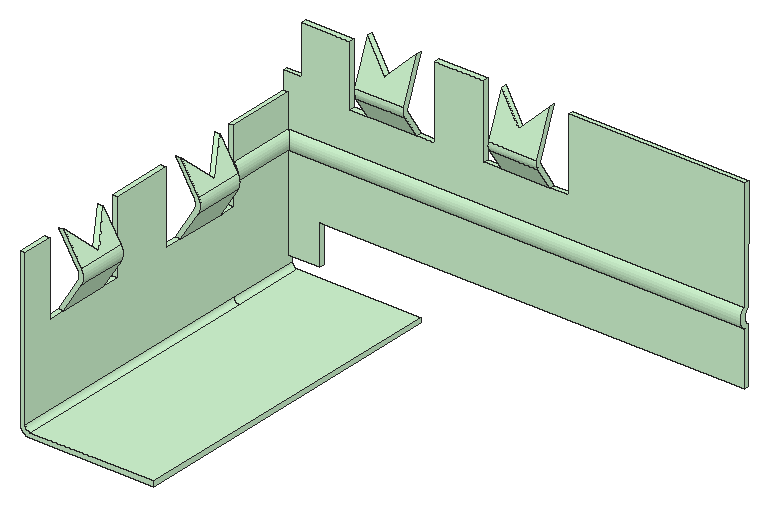
Revit family "25eTLクロス左 H=8-eL3025(ツメ)", category 機械設備, Revit 2020
Family settings
  丸型コネクタ寸法 = 直径を使用
  種別 = なし
  パーツ タイプ = 標準
  作業面ベース = いいえ
  常に垂直 = はい
  ロード時にボイドで切り取り = いいえ
  共有 = いいえ
  部屋計算ポイント = いいえ
Parameters
  製造元 = "株式会社桐井製作所"
  既定の高さ = 0 mm
  URL = "https://www.kirii.co.jp/"
  K_材質 = "溶融亜鉛めっき鋼板及び鋼帯 SGCC 一般用"
  K_品名 = "25eTLクロス左 H=8-eL3025(ツメ)"
  K_名称 = "eTLバー"
  K_入数 = "250"
  K_備考 = "対象Tバー:eT4015、eY4815　対象Lバー:eL3025(25面)"
  K_バージョン情報 = "20220411"
  K_めっき付着量 = "Z12"
  K_JIS規格 = "JIS G 3302"
Reference planes
  plane 1 "中心(正面/背面)": y = 0
  plane 2: z = 0
  plane 3 "中心(左/右)": x = 0
Forms (mm)
  Extrusion 1, solid
    sketch origin (0, 0, 0) x (0, 1, 0) y (0, 0, 1)
      loop
        arc (-0.8, 21.6) -> (-1.6, 20) -> (-0.8, 18.4) r 2
        line (-0.8, 18.4) -> (-0.8, 0) -> (0, 0) -> (0, 18.869)
        arc (0, 18.869) -> (-0.8, 20) -> (0, 21.131) r 1.2
        line (0, 21.131) -> (0, 40) -> (-0.8, 40) -> (-0.8, 21.6)
    from 0 to 76
  Extrusion 2, void
    sketch origin (0, 0, 0) x (1, 0, 0) y (0, 0, 1)
      loop
        line (0, 40) -> (0, 30) -> (3, 30) -> (3, 38) -> (11, 38) -> (11, 28) -> (25, 28) -> (25, 40) -> (0, 40)
    from -0.792 to 0.8
  Extrusion 3, void
    sketch origin (0, 0, 0) x (1, 0, 0) y (0, 0, 1)
      loop
        line (33, 28) -> (47, 28) -> (47, 40) -> (33, 40) -> (33, 28)
    from -0.792 to 0.8
  Extrusion 4, void
    sketch origin (0, 0, 0) x (1, 0, 0) y (0, 0, 1)
      loop
        line (6, 9.5) -> (6, 3) -> (0, 3) -> (0, 0) -> (76, 0) -> (76, 9.5) -> (6, 9.5)
    from -0.792 to 0.8
  Extrusion 5, void
    sketch origin (-22, -1.6, 0) x (1, 0, 0) y (0, 0, -1)
      loop
        line (44, -40) -> (40, -36) -> (36, -40) -> (44, -40)
    from -0.873 to 1.6
  Extrusion 6, void
    sketch origin (0, -1.6, 0) x (1, 0, 0) y (0, 0, -1)
      loop
        line (44, -40) -> (40, -36) -> (36, -40) -> (44, -40)
    from -0.873 to 1.6
  Extrusion 7, solid
    sketch origin (-22, -0.8, 0) x (0, -1, 0) y (0, 0, -1)
      loop
        line (2.069, -32.596) -> (-0.8, -40) -> (0, -40) -> (2.676, -33.237)
        arc (2.676, -33.237) -> (2.766, -32.496) -> (2.511, -31.794) r 1.6
        line (2.511, -31.794) -> (0, -28) -> (-0.8, -28) -> (2.069, -32.596)
    from 36 to 44
  Extrusion 8, solid
    sketch origin (0, -0.8, 0) x (0, -1, 0) y (0, 0, -1)
      loop
        line (2.069, -32.596) -> (-0.8, -40) -> (0, -40) -> (2.676, -33.237)
        arc (2.676, -33.237) -> (2.766, -32.496) -> (2.511, -31.794) r 1.6
        line (2.511, -31.794) -> (0, -28) -> (-0.8, -28) -> (2.069, -32.596)
    from 36 to 44
  Extrusion 9, void
    sketch origin (0, -54.2, 0) x (0, 1, 0) y (0, 0, 1)
      loop
        line (42.2, 15) -> (42.2, 27) -> (28.2, 27) -> (28.2, 15) -> (42.2, 15)
    from 0 to 1.6
  Extrusion 10, solid
    sketch origin (0, -54.2, 0) x (1, 0, 0) y (0, 0, 1)
      loop
        line (0.8, 27) -> (0, 27) -> (0, 1.6)
        arc (0, 1.6) -> (0.469, 0.469) -> (1.6, 0) r 1.6
        line (1.6, 0) -> (22, 0) -> (22, 0.8) -> (1.6, 0.8)
        arc (1.6, 0.8) -> (1.034, 1.034) -> (0.8, 1.6) r 0.8
        line (0.8, 1.6) -> (0.8, 27)
    from -42.2 to 0.8
  Extrusion 11, void
    sketch origin (0, -68.2, 0) x (0, 1, 0) y (0, 0, 1)
      loop
        line (32.2, 15) -> (32.2, 27) -> (18.2, 27) -> (18.2, 15) -> (32.2, 15)
    from 0 to 1.6
  Extrusion 12, solid
    sketch origin (0, -11.2, 0) x (1, 0, 0) y (0, 0, 1)
      loop
        arc (1.6, 0.8) -> (1.034, 1.034) -> (0.8, 1.6) r 0.8
        line (0.8, 1.6) -> (0.8, 18.4)
        arc (0.8, 18.4) -> (1.6, 20) -> (0.8, 21.6) r 2
        line (0.8, 21.6) -> (0.8, 27) -> (0, 27) -> (0, 21.131)
        arc (0, 21.131) -> (0.8, 20) -> (0, 18.869) r 1.2
        line (0, 18.869) -> (0, 1.6)
        arc (0, 1.6) -> (0.469, 0.469) -> (1.6, 0) r 1.6
        line (1.6, 0) -> (22, 0) -> (22, 0.8) -> (1.6, 0.8)
    from -11.2 to 0.8
  Extrusion 13, solid
    sketch origin (0, -61.2, -5) x (1, 0, 0) y (0, 0, 1)
      loop
        line (3.756, 27.207) -> (0.8, 32) -> (0, 32) -> (3.075, 26.787)
        arc (3.075, 26.787) -> (3.298, 26) -> (3.075, 25.213) r 1.5
        line (3.075, 25.213) -> (0, 20) -> (0.8, 20) -> (3.756, 24.793)
        arc (3.756, 24.793) -> (4.098, 26) -> (3.756, 27.207) r 2.3
    from -22.2 to -14.2
  Extrusion 14, solid
    sketch origin (0, -37.169, -5) x (1, 0, 0) y (0, 0, 1)
      loop
        line (3.756, 27.207) -> (0.8, 32) -> (0, 32) -> (3.075, 26.787)
        arc (3.075, 26.787) -> (3.298, 26) -> (3.075, 25.213) r 1.5
        line (3.075, 25.213) -> (0, 20) -> (0.8, 20) -> (3.756, 24.793)
        arc (3.756, 24.793) -> (4.098, 26) -> (3.756, 27.207) r 2.3
    from -22.2 to -14.2
  Extrusion 15, void
    sketch origin (0, -37.169, -5) x (0, 1, 0) y (0, 0, 1)
      loop
        line (22.2, 32) -> (14.2, 32) -> (18.2, 28) -> (22.2, 32)
    from 0 to 3.257
  Extrusion 16, void
    sketch origin (0, -61.2, -5) x (0, 1, 0) y (0, 0, 1)
      loop
        line (22.2, 32) -> (14.2, 32) -> (18.2, 28) -> (22.2, 32)
    from 0 to 3.257
Cuts and joins
  Extrusion 2, Extrusion 3, Extrusion 4, Extrusion 5, Extrusion 6 cuts Extrusion 1
  Extrusion 5 cuts Extrusion 7
  Extrusion 6 cuts Extrusion 8
  Extrusion 9, Extrusion 11 cuts Extrusion 10
  Extrusion 16 cuts Extrusion 13
  Extrusion 15 cuts Extrusion 14
  joined: Extrusion 1, Extrusion 7, Extrusion 8, Extrusion 10, Extrusion 12, Extrusion 13, Extrusion 14
Dimensions and locks
  aligned and locked: level to plane 2
